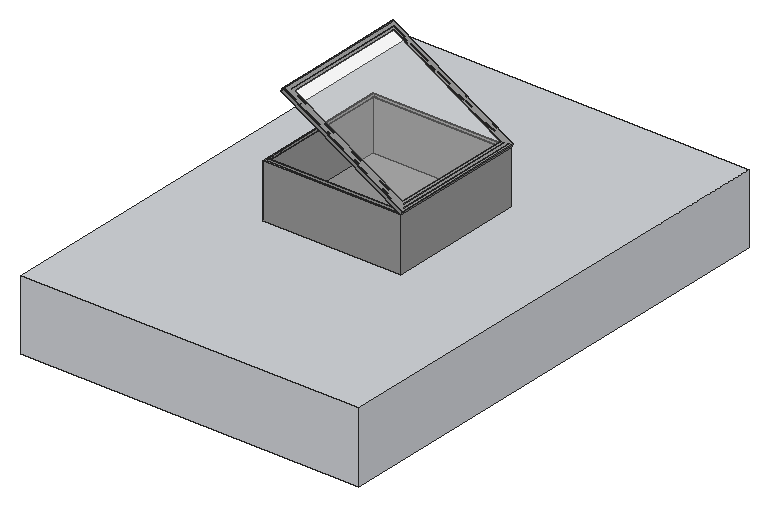
Revit family "Hager-Orion_Inox-IP66-D250-Cl.I-Inox_encl-630A-600mm-CH-fr", category Equipement électrique, Revit 2020
Family settings
  Hôte = Face
  Configuration du panneau = Deux colonnes, circuits au sein
  Cote de connecteur circulaire = Utiliser le diamètre
  Type d'élément = Tableau de raccordement
  Couper avec des vides une fois chargée = Non
  Partagée = Non
  Point de calcul de pièce = Non
Parameters (values of type "saillie IP66 L600 H600 P250  - FL029TWL")
  Width Control [instance] = if([EF000008 - largeur] > Min Width, [EF000008 - largeur], Min Width)  # 600 mm
  Commentaires du type = [HG000003 - Gamme]  # "Orion Inox"
  Thickness Door [instance] = if([EF009171 - épaisseur de matériau de la porte/du couvercle] > 3 mm, 3 mm, [EF009171 - épaisseur de matériau de la porte/du couvercle])  # 1.5 mm
  Seal Frame Offset [instance] = 17 mm  # constant formula
  Model = ""
  Min Width [instance] = 100 mm  # constant formula
  Min Height [instance] = 100 mm  # constant formula
  Min Depth [instance] = (2 * [EF009170 - épaisseur de matériau du boîtier]) + 1 mm  # 4 mm
  Internal Frame Depth [instance] = (Door System Depth * 0.5)  # 9 mm
  Height Control [instance] = if([EF000040 - hauteur] > Min Height, [EF000040 - hauteur], Min Height)  # 600 mm
  HG000027 - Hauteur du socle = 0 mm
  HG000026 - Installation au sol = no
  HG000024 - Hauteur de la section basse = 800 mm
  HG000023 - Armoire double section = no
  HG000016 - Visibilité de la porte 3D [instance] = yes
  HG000015 - Visibilité de l'emprise de la porte [instance] = no
  HG000014 - Porte à droite [instance] = yes
  HG000013 - Porte à gauche [instance] = not([HG000014 - Porte à droite])  # no
  HG000012 - Angle de pivotement de la porte [instance] = 30.00°
  HG000010 - Portes asymétriques = no
  HG000009 - Porte à double battant = no
  HG000006 - Encastré = no
  HG000004 - Référence fabricant = "FL029TWL"
  HG000003 - Gamme = "Orion Inox"
  HG000002 - avec porte = yes
  Frame Offset Bottom [instance] = 10 mm  # constant formula
  Frame Offset [instance] = 15 mm  # constant formula
  EF015940 - couvercle avec décharge de pression = no
  EF011959 - degré de protection (NEMA) = ""
  EF009554 - nombre d'ouvertures pour plaques à bride = 0
  Fabricant = "Hager"  # constant formula
  EF009212 - finition du couvercle = "EV000116 - fermé"
  EF009171 - épaisseur de matériau de la porte/du couvercle = 1.5 mm
  EF009170 - épaisseur de matériau du boîtier = 1.5 mm
  EF008873 - courant nominal (In) = 630 A
  EF007800 - adapté à un parafoudre = no
  EF006306 - avec serrure = yes
  EF006244 - couvercle/porte transparent(e) = yes
  EF005474 - indice de protection (IP) = "EV006422 - IP66"
  EF004464 - type de porte = "EV002646 - unique"
  EF004427 - nombre de modules = 0
  EF004293 - indice de protection contre les chocs (IK) = "EV006814 - IK08"
  EF003532 - convient pour utilisation à l’extérieur = yes
  EF002950 - largeur en nombre de modules = 0
  EF001613 - maintien de fonction = "EV000494 - sans"
  EF001596 - matériau du boîtier/corps = "EV000166 - acier inoxydable"
  EF001131 - profondeur intérieure = 216 mm
  EF001088 - possibilité de montage en saillie = yes
  EF000437 - nombre d'entrées de conduit = 0
  EF000339 - type de capot = "EV004216 - porte"
  EF000266 - nombre de rangées = 0
  EF000218 - profondeur d'encastrement = 0 mm
  EF000118 - avec cadre/support de montage = no
  EF000116 - numéro RAL = ""
  EF000049 - profondeur = 250 mm
  EF000040 - hauteur = 600 mm
  EF000008 - largeur = 600 mm
  EF000007 - couleur = "EV000154 - autre"
  EF000003 - mode de pose = "EV000384 - saillie"
  Door System Leaf Tolerance [instance] = 1.5 mm  # constant formula
  Door System Depth [instance] = 18 mm  # constant formula
  Depth Control [instance] = if([EF000049 - profondeur] > Min Depth, [EF000049 - profondeur], Min Depth)  # 250 mm
  Default Elevation = 0 mm
Types (4, lengths in mm): name | Width Control | HG000004 - Référence fabricant | EF009212 - finition du couvercle | EF006306 - avec serrure | EF006244 - couvercle/porte transparent(e) | EF004293 - indice de protection contre les chocs (IK) | EF001613 - maintien de fonction | EF000008 - largeur
  saillie IP66 L400 H600 P250  - FL029BW | 400 | "FL029BW" | "EV009916 - avec échancrure" | no | no | "EV008784 - IK10" | "" | 400
  saillie IP66 L600 H600 P250  - FL029BWL | 600 | "FL029BWL" | "EV009916 - avec échancrure" | no | no | "EV008784 - IK10" | "" | 600
  saillie IP66 L600 H600 P250  - FL029TW | 600 | "FL029TW" | "EV000116 - fermé" | yes | yes | "EV006814 - IK08" | "EV000494 - sans" | 600
  saillie IP66 L600 H600 P250  - FL029TWL | 600 | "FL029TWL" | "EV000116 - fermé" | yes | yes | "EV006814 - IK08" | "EV000494 - sans" | 600
Reference planes
  plane 1 "Center (Front/Back)": y = 0
  plane 2: z = 0
  plane 3 "Center (Left/Right)": x = 0
  plane 4: z = 250
  plane 5: y = 1.5
  plane 6: y = 300
  plane 7: y = 0
  plane 8: y = 600
  plane 9: z = 0
  plane 10: x = -285
  plane 11: x = 285
  plane 12: x = 283.5
  plane 13: x = -283.5
  plane 14: y = 598.5
  plane 15: x = -283
  plane 16: x = -300
  plane 17: x = 283
  plane 18: x = 300
  plane 19: x = 298.5
  plane 20: x = -298.5
  plane 21: y = 11.5
  plane 22: y = 600
  plane 23: y = 583.5
  plane 24: z = 232
  plane 25: z = 1.5
  plane 26: z = 230.5
  plane 27: z = 248.5
Forms (mm)
  Extrusion 1, solid
    sketch origin (0, 0, 0) x (1, 0, 0) y (0, 1, 0)
      loop
        line (-702.964, 1305) -> (-702.964, -811.445) -> (766.763, -811.445) -> (766.763, 1305) -> (-702.964, 1305)
    from 0 to -304.8
  Extrusion 2, solid, material "Hager_Stainless_Steel", detail levels medium+fine
    sketch origin (0, 0, 0) x (1, 0, 0) y (0, 1, 0)
      loop
        line (-300, 0) -> (300, 0) -> (300, 600) -> (-300, 600) -> (-300, 0)
    from 0 to 232
  Extrusion 3, solid, material "Hager_Steel_RAL 7035_Light_Grey", not visible, detail levels medium+fine
    sketch origin (0, 28.16, 50.802) x (0, 1, 0) y (0, 0, 1)
      loop
        line (323.34, -50.802) -> (323.34, 187.698)
        arc (323.34, 187.698) -> (320.411, 194.769) -> (313.34, 197.698) r 10
        line (313.34, 197.698) -> (283.34, 197.698) -> (283.34, -50.802) -> (323.34, -50.802)
    from -298.5 to 298.5
  Extrusion 4, void
    sketch origin (0, 0, 0) x (1, 0, 0) y (0, 1, 0)
      loop
        line (-298.5, 1.5) -> (298.5, 1.5) -> (298.5, 598.5) -> (-298.5, 598.5) -> (-298.5, 1.5)
    from 1.5 to 230.5
  Extrusion 5, void
    sketch origin (-381.607, -4572, 232) x (0, -1, 0) y (-1, 0, 0)
      loop
        line (-4583.5, -98.107) -> (-5155.5, -98.107) -> (-5155.5, -665.107) -> (-4583.5, -665.107) -> (-4583.5, -98.107)
    from 0 to 1.5 <- "EF009170 - épaisseur de matériau du boîtier"
  Extrusion 6, solid, material "Hager_Stainless_Steel", detail levels fine
    sketch origin (-381.607, -4572, 232) x (-1, 0, 0) y (0, -1, 0)
      loop
        line (-98.107, -4583.5) -> (-665.107, -4583.5) -> (-665.107, -5155.5) -> (-98.107, -5155.5) -> (-98.107, -4583.5)
      loop
        line (-97.107, -4582) -> (-666.107, -4582) -> (-666.107, -5157) -> (-97.107, -5157) -> (-97.107, -4582)
    from 0 to 9 <- "Internal Frame Depth"
  Extrusion 7, solid, material "Hager_Stainless_Steel", detail levels coarse
    sketch origin (0, 0, 0) x (1, 0, 0) y (0, 1, 0)
      loop
        line (-300, 0) -> (300, 0) -> (300, 600) -> (-300, 600) -> (-300, 0)
    from 0 to 250
Cuts and joins
  Extrusion 4, Extrusion 5 cuts Extrusion 2
Lines and regions (mm)
  Masking region 1
    outline origin (0, 0, 0) x (1, 0, 0) y (0, 0, 1)
      loop
        line (-300, 250) -> (-300, 0) -> (300, 0) -> (300, 250) -> (-300, 250)
  Masking region 2, detail levels medium+fine
    outline origin (0, 140, 0) x (0, 1, 0) y (0, 0, 1)
      loop
        line (-140, 0) -> (460, 0) -> (460, 232) -> (-140, 232) -> (-140, 0)
  Masking region 3, not visible, detail levels medium+fine
    outline origin (0, 297.922, 0) x (0, 1, 0) y (0, 0, 1)
      loop
        line (13.578, 0) -> (53.578, 0) -> (53.578, 238.5)
        arc (53.578, 238.5) -> (50.649, 245.571) -> (43.578, 248.5) r 10
        line (43.578, 248.5) -> (13.578, 248.5) -> (13.578, 0)
  Masking region 4, detail levels coarse
    outline origin (0, 0, 180) x (0, 1, 0) y (0, 0, 1)
      loop
        line (0, -180) -> (600, -180) -> (600, 70) -> (0, 70) -> (0, -180)
  Masking region 5
    outline origin (-381.607, -4572, 232) x (-1, 0, 0) y (0, -1, 0)
      loop
        line (-81.607, -5172) -> (-81.607, -4572) -> (-681.607, -4572) -> (-681.607, -5172) -> (-81.607, -5172)
Dimensions and locks
  "Depth Control": plane 4 to Extrusion 1
  "EF009170 - épaisseur de matériau du boîtier": plane 5 to plane 7
  locked: connector elem to plane 3 "Center (Left/Right)"
  equal spacing: plane 8, plane 6, plane 7
  locked: connector elem to plane 6
  "EF009170 - épaisseur de matériau du boîtier": plane 8 to plane 14
  "EF009170 - épaisseur de matériau du boîtier": plane 10 to plane 13
  "EF009170 - épaisseur de matériau du boîtier": plane 12 to plane 11
  "Frame Offset": plane 20 to plane 13
  "Frame Offset": plane 12 to plane 19
  "EF009170 - épaisseur de matériau du boîtier": plane 16 to plane 20
  "EF009170 - épaisseur de matériau du boîtier": plane 19 to plane 18
  "Seal Frame Offset": plane 16 to plane 15
  "Seal Frame Offset": plane 17 to plane 18
  "Frame Offset Bottom": plane 21 to plane 5
  "Frame Offset": plane 14 to plane 23
  equal spacing: plane 16, plane 3 "Center (Left/Right)", plane 18
  "Width Control": plane 16 to plane 18
  "EF009170 - épaisseur de matériau du boîtier": plane 4 to plane 27
  "EF009170 - épaisseur de matériau du boîtier": plane 24 to plane 26
  "EF009170 - épaisseur de matériau du boîtier": plane 25 to level
  "Door System Depth": plane 4 to plane 24
  "Height Control": plane 1 "Center (Front/Back)" to Extrusion 7 sketch curve
  "Height Control": Masking region 4 sketch curve to plane 1 "Center (Front/Back)"
  "Thickness Door": Extrusion 6 sketch curve to plane 15
  "Thickness Door": plane 21 to Extrusion 6 sketch curve
  "Thickness Door": plane 17 to Extrusion 6 sketch curve
  "Thickness Door": Extrusion 6 sketch curve to plane 23
  "Height Control": plane 1 "Center (Front/Back)" to plane 22
  radius of Masking region 3 sketch curve = 10 mm
  radius of Extrusion 3 sketch curve = 10 mm
  aligned and locked: plane 2 to Extrusion 1
  aligned and locked: level to Extrusion 1
  aligned and locked: level to Masking region 1 sketch curve
  aligned and locked: Masking region 1 sketch curve to plane 18
  aligned and locked: Masking region 1 sketch curve to plane 16
  aligned and locked: plane 7 to Masking region 2 sketch curve
  aligned and locked: level to Masking region 3 sketch curve
  aligned and locked: Masking region 3 sketch curve to plane 27
  aligned and locked: level to Masking region 2 sketch curve
  aligned and locked: Extrusion 2 sketch curve to plane 7
  aligned and locked: plane 16 to Extrusion 2 sketch curve
  aligned and locked: plane 18 to Extrusion 2 sketch curve
  aligned and locked: Extrusion 3 sketch curve to level
  aligned and locked: plane 27 to Extrusion 3 sketch curve
  aligned and locked: plane 20 to Extrusion 3
  aligned and locked: plane 19 to Extrusion 3
  aligned and locked: plane 20 to Extrusion 4 sketch curve
  aligned and locked: plane 19 to Extrusion 4 sketch curve
  aligned and locked: Extrusion 4 sketch curve to plane 5
  aligned and locked: Extrusion 4 to plane 25
  aligned and locked: plane 26 to Extrusion 4
  aligned and locked: plane 24 to Extrusion 2
  aligned and locked: Extrusion 5 sketch curve to plane 21
  aligned and locked: Extrusion 5 sketch curve to plane 13
  aligned and locked: Extrusion 5 sketch curve to plane 12
  aligned and locked: plane 18 to Extrusion 7 sketch curve
  aligned and locked: plane 1 "Center (Front/Back)" to Extrusion 7 sketch curve
  aligned and locked: plane 16 to Extrusion 7 sketch curve
  aligned and locked: plane 4 to Extrusion 7
  aligned and locked: Extrusion 7 to level
  aligned and locked: level to Masking region 4 sketch curve
  aligned and locked: Masking region 4 sketch curve to plane 1 "Center (Front/Back)"
  aligned and locked: Masking region 4 sketch curve to plane 4
  aligned and locked: nested 1 to level
  aligned and locked: nested 1 to plane 16
  aligned and locked: plane 8 to Extrusion 2 sketch curve
  aligned and locked: plane 23 to Extrusion 5 sketch curve
  aligned and locked: plane 14 to Extrusion 4 sketch curve
  aligned and locked: Extrusion 6 sketch curve to plane 21
  aligned and locked: plane 13 to Extrusion 6 sketch curve
  aligned and locked: plane 23 to Extrusion 6 sketch curve
  aligned and locked: plane 12 to Extrusion 6 sketch curve
  aligned and locked: Masking region 2 sketch curve to plane 8
  aligned and locked: Masking region 2 sketch curve to plane 24
  aligned and locked: nested 2 to plane 3 "Center (Left/Right)"
  aligned and locked: nested 2 to plane 24
  aligned and locked: Masking region 5 sketch curve to plane 1 "Center (Front/Back)"
  aligned and locked: Masking region 5 sketch curve to plane 18
  aligned and locked: Masking region 5 sketch curve to plane 22
  aligned and locked: Masking region 5 sketch curve to plane 16
  aligned and locked: plane 8 to plane 22
  aligned and locked: plane 7 to plane 1 "Center (Front/Back)"
  aligned and locked: nested 2 to plane 1 "Center (Front/Back)"
Automatic sketch dimensions
  Extrusion 1 sketch curve to Extrusion 1 sketch curve = 1469.727 mm
  Extrusion 1 sketch curve to Extrusion 1 sketch curve = 2116.445 mm
  plane 6 to Masking region 3 sketch curve = 11.5 mm
  Masking region 3 sketch curve to Masking region 3 sketch curve = 30 mm
  plane 6 to Extrusion 3 sketch curve = 11.5 mm
  Extrusion 3 sketch curve to Extrusion 3 sketch curve = 30 mm
  Masking region 1 sketch curve to plane 4 = 0 mm
Nested families
  nested 1: "Hager_Enclosure_Symbol" at (-300, 0, 0) x (1, 0, 0) z (0, -1, 0), Height <- "Depth Control", Width <- "Width Control", type "Hager_Enclosure_Symbol"
    with Width_Ctrl 600 mm, Width 600 mm, Height_Ctrl 250 mm, Height 250 mm, A_Width_Int 16.406 mm, A_Width 196.875 mm, A_Height_Ctrl 218.75 mm, A_Height 218.75 mm
  nested 2: "EC000058_OrionInox_Door" at (0, 600, 232) x (1, 0, 0) z (0, -1, 0), Leaf_Tolerance <- "Door System Leaf Tolerance", Angle <- "HG000012 - Angle de pivotement de la porte", Door_Depth <- "Door System Depth", Door_Left <- "HG000013 - Porte à gauche", Transparent <- "EF006244 - couvercle/porte transparent(e)", Assymetrical <- "HG000010 - Portes asymétriques", Width <- "Width Control", Clearance <- "HG000015 - Visibilité de l'emprise de la porte", Double <- "HG000009 - Porte à double battant", 3d_Door <- "HG000016 - Visibilité de la porte 3D", Width_Ctrl <- "Width Control", Door_Right <- "HG000014 - Porte à droite", Door <- "HG000002 - avec porte", Height <- "Height Control", Thickness <- "Thickness Door", type "EC000058_OrionInox_Door", detail levels medium+fine
    with min_wh 4 mm, Width_Ctrl 600 mm, Width 600 mm, Transparent yes, Thickness 1.5 mm, Seal_Material Hager_Rubber, Leaf_Width 600 mm, Leaf_Tolerance_External_Sides 0 mm, Leaf_Tolerance 1.5 mm, Leaf_Offset 0 mm, Leaf_Height 597 mm, Leaf_2_Width 600 mm, Leaf_2_Offset 300 mm, Leaf_1_Width 600 mm, Leaf_1_Offset 300 mm, Height_Ctrl 600 mm, Height 600 mm, Glass_Material Hager_Glass, Double_Clearance_Ctrl no, Double no, Door_Right_Ctrl yes, Door_Right yes, Door_Material Hager_Stainless_Steel, Door_Left_Ctrl no, Door_Left no, Door_Depth 18 mm, Door yes, Clearance_Material Hager_Clearance, Clearance_Depth 600 mm, Clearance_Ctrl no, Clearance no, Assymetrical no, Angle 30.00°, 3d_Door yes
Connectors
  electrical at (0, 300, 0)
    settings: on plane 9, index 1, voltage 0 V, apparent load 0 VA, apparent load phase1 0 VA, apparent load phase2 0 VA, apparent load phase3 0 VA, power factor 1, load classification "Other", number of poles 1, system type 30, power factor state 1, is connector primary yes, connector utility no, sub classification motor no, connector description ""
Definition of nested family "EC000058_OrionInox_Door"
  Parameters (values of type "EC000058_OrionInox_Door")
    min_wh [instance] = (2 * Thickness) + 1 mm  # 11 mm
    Width_Ctrl [instance] = 400 mm
    Width [instance] = 500 mm
    Transparent [instance] = yes
    Thickness [instance] = 5 mm
    Seal_Material [instance] = none
    Leaf_Width [instance] = if((Width_Ctrl - 2 * Leaf_Tolerance_External_Sides) > 0 mm, (Width_Ctrl - 2 * Leaf_Tolerance_External_Sides), min_wh)  # 400 mm
    Leaf_Tolerance_External_Sides [instance] = 0 mm  # constant formula
    Leaf_Tolerance [instance] = 1.5 mm
    Leaf_Offset [instance] = 0 mm  # constant formula
    Leaf_Height [instance] = if((Height_Ctrl - 2 * Leaf_Tolerance) > 0 mm, (Height_Ctrl - 2 * Leaf_Tolerance), min_wh)  # 497 mm
    Leaf_2_Width [instance] = if(and(and(Double, Assymetrical), Door_Left), (Leaf_Width / 3) - (Leaf_Tolerance / 2), if(and(and(Double, Assymetrical), Door_Right), (Leaf_Width / 3) * 2 - (Leaf_Tolerance / 2), if(and(Double, not(Assymetrical)), (Leaf_Width / 2) - Leaf_Tolerance, Leaf_Width)))  # 400 mm
    Leaf_2_Offset [instance] = if(and(Double, Assymetrical), Leaf_2_Width / 2, if(and(Double, not(Assymetrical)), Leaf_Width / 4, Leaf_Width / 2))  # 200 mm
    Leaf_1_Width [instance] = if(and(and(Double, Assymetrical), Door_Right), (Leaf_Width / 3) - (Leaf_Tolerance / 2), if(and(and(Double, Assymetrical), Door_Left), (Width / 3) * 2 - (Leaf_Tolerance / 2), if(and(Double, not(Assymetrical)), (Leaf_Width / 2) - Leaf_Tolerance, Leaf_Width)))  # 400 mm
    Leaf_1_Offset [instance] = if(and(Double, Assymetrical), Leaf_1_Width / 2, if(and(Double, not(Assymetrical)), Leaf_Width / 4, Leaf_Width / 2))  # 200 mm
    Height_Ctrl [instance] = if(Height > min_wh, Height, min_wh)  # 500 mm
    Height [instance] = 500 mm
    Glass_Material [instance] = none
    Double_Clearance_Ctrl [instance] = and(Double, Clearance)  # no
    Double [instance] = no
    Door_Right_Ctrl [instance] = and(or(Door_Right, Double), Door)  # yes
    Door_Right [instance] = yes
    Door_Material [instance] = none
    Door_Left_Ctrl [instance] = and(or(Door_Left, Double), Door)  # no
    Door_Left [instance] = no
    Door_Depth [instance] = 30 mm
    Door [instance] = yes
    Default Elevation = 1219.2 mm
    Clearance_Material [instance] = none
    Clearance_Depth [instance] = if(Leaf_1_Width > Leaf_2_Width, Leaf_1_Width, Leaf_2_Width)  # 400 mm
    Clearance_Ctrl [instance] = and(not(Double), Clearance)  # yes
    Clearance [instance] = yes
    Assymetrical [instance] = yes
    Angle [instance] = 30.00°
    3d_Door [instance] = yes
  Reference planes
    plane 1 "Center (Front/Back)": y = 0
    plane 2 "Bottom": z = 0
    plane 3 "Center (Left/Right)": x = 0
    plane 4: z = 500
    plane 5: x = -200
    plane 6: x = 200
    plane 7: z = 500
    plane 8: x = -200
    plane 9: z = 0
    plane 10: x = 200
    plane 11: y = 0
    plane 12: z = 1.5
    plane 13: x = -600
    plane 14: y = -400
    plane 15: x = 600
    plane 16: x = 0
    plane 17: x = 0
    plane 18: x = -200
    plane 19: x = 200
    plane 20: z = 498.5
  Forms (mm)
    Extrusion 1, solid, material <- "Clearance_Material", visible <- "Double_Clearance_Ctrl"
      sketch origin (1200, 0, 0) x (1, 0, 0) y (0, 0, -1)
        loop
          line (-1800, -498.5) -> (-600, -498.5) -> (-600, 0) -> (-1800, 0) -> (-1800, -498.5)
      from 0 to -400
  Dimensions and locks
    equal spacing: plane 5, plane 3 "Center (Left/Right)", plane 6
    "Width_Ctrl": plane 5 to plane 6
    "Leaf_Offset": plane 5 to plane 8
    "Leaf_Offset": plane 6 to plane 10
    "Leaf_Offset": plane 9 to level
    "Leaf_Offset": plane 4 to plane 7
    "Height_Ctrl": plane 4 to level
    "Leaf_Tolerance": plane 12 to plane 9
    locked: plane 11 to plane 1 "Center (Front/Back)"
    "Leaf_1_Offset": plane 18 to plane 16
    "Leaf_2_Offset": plane 17 to plane 19
    "Leaf_1_Width": plane 13 to plane 8
    "Leaf_2_Width": plane 10 to plane 15
    "Clearance_Depth": plane 14 to plane 1 "Center (Front/Back)"
    "Leaf_Tolerance_External_Sides": plane 8 to plane 18
    "Leaf_Tolerance_External_Sides": plane 19 to plane 10
    "Leaf_Tolerance": plane 7 to plane 20
    aligned and locked: level to plane 2 "Bottom"
    aligned and locked: nested 1 to plane 16
    aligned and locked: nested 2 to plane 17
    aligned and locked: Extrusion 1 to plane 13
    aligned and locked: plane 15 to Extrusion 1
    aligned and locked: Extrusion 1 to plane 14
    aligned and locked: plane 12 to nested 1
    aligned and locked: nested 2 to plane 12
    aligned and locked: Extrusion 1 to plane 11
    aligned and locked: plane 20 to Extrusion 1
    aligned and locked: nested 2 to plane 11
    aligned and locked: nested 1 to plane 11
  Automatic sketch dimensions
    Extrusion 1 sketch curve to level = 0 mm
    plane 5 to Extrusion 1 sketch curve = 400 mm
    plane 6 to Extrusion 1 sketch curve = 400 mm
    Extrusion 1 sketch curve to plane 4 = 1.5 mm
  Nested families
    nested 1: "EC000058_OrionInox_Door_Leaf" at (0, 0, 1.5), Width <- "Leaf_1_Width", visible <- "Door_Left_Ctrl", Leaf_Height <- "Leaf_Height", Angle <- "Angle", 3d_Door <- "3d_Door", Transparent <- "Transparent", Clearance Material <- "Clearance_Material", Clearance <- "Clearance_Ctrl", Door_Material <- "Door_Material", Glass_Material <- "Glass_Material", Door_Depth <- "Door_Depth", Seal_Material <- "Seal_Material", Thickness <- "Thickness", type "EC000058_OrionInox_Door_Leaf"
      with Width 400 mm, Transparent_Ctrl yes, Transparent yes, Thickness 5 mm, Standard no, Seal_Material none, Seal_D2 8 mm, Seal_D1 1 mm, Offset_Internal_Frame 10 mm, Lock_Width 28 mm, Lock_Thickness 2 mm, Lock_Radius 6 mm, Leaf_Height 497 mm, Internal_Seal_Thickness 8 mm, Internal_Seal_Depth_2 4.5 mm, Internal_Frame_Depth 25 mm, Glass_Thickness -1 mm, Glass_Offset -2 mm, Glass_Material none, Door_Material none, Door_Depth 30 mm, Clearance Material none, Clearance yes, Angle_Ctrl 30.00°, Angle 30.00°, 3d_Door yes
    nested 2: "EC000058_OrionInox_Door_Leaf" at (0, 0, 1.5) x (-1, 0, 0) z (0, 0, 1), Width <- "Leaf_2_Width", visible <- "Door_Right_Ctrl", Leaf_Height <- "Leaf_Height", Angle <- "Angle", 3d_Door <- "3d_Door", Transparent <- "Transparent", Clearance Material <- "Clearance_Material", Clearance <- "Clearance_Ctrl", Door_Material <- "Door_Material", Glass_Material <- "Glass_Material", Door_Depth <- "Door_Depth", Seal_Material <- "Seal_Material", Thickness <- "Thickness", type "EC000058_OrionInox_Door_Leaf"
      with Width 400 mm, Transparent_Ctrl yes, Transparent yes, Thickness 5 mm, Standard no, Seal_Material none, Seal_D2 8 mm, Seal_D1 1 mm, Offset_Internal_Frame 10 mm, Lock_Width 28 mm, Lock_Thickness 2 mm, Lock_Radius 6 mm, Leaf_Height 497 mm, Internal_Seal_Thickness 8 mm, Internal_Seal_Depth_2 4.5 mm, Internal_Frame_Depth 25 mm, Glass_Thickness -1 mm, Glass_Offset -2 mm, Glass_Material none, Door_Material none, Door_Depth 30 mm, Clearance Material none, Clearance yes, Angle_Ctrl 30.00°, Angle 30.00°, 3d_Door yes
  Definition of nested family "EC000058_OrionInox_Door_Leaf"
    Parameters (values of type "EC000058_OrionInox_Door_Leaf")
      Width [instance] = 450 mm
      Transparent_Ctrl [instance] = and(Transparent, [3d_Door])  # yes
      Transparent [instance] = yes
      Thickness [instance] = 5 mm
      Standard [instance] = and(not(Transparent), [3d_Door])  # no
      Seal_Material [instance] = none
      Seal_D2 [instance] = 8 mm  # constant formula
      Seal_D1 [instance] = 1 mm  # constant formula
      Offset_Internal_Frame [instance] = 10 mm  # constant formula
      Lock_Width [instance] = Door_Depth - Lock_Thickness  # 28 mm
      Lock_Thickness [instance] = 2 mm  # constant formula
      Lock_Radius [instance] = 6 mm  # constant formula
      Leaf_Height [instance] = 450 mm
      Internal_Seal_Thickness [instance] = 8 mm  # constant formula
      Internal_Seal_Depth_2 [instance] = 4.5 mm  # constant formula
      Internal_Frame_Depth [instance] = if(Door_Depth - Thickness > 5 mm, Door_Depth - Thickness, 5 mm)  # 25 mm
      Glass_Thickness [instance] = if(Thickness > 15 mm, Glass_Offset + 10 mm, -1 mm)  # -1 mm
      Glass_Offset [instance] = if(Thickness > 15 mm, -(Thickness + 10 mm) / 2, -2 mm)  # -2 mm
      Glass_Material [instance] = none
      Door_Material [instance] = none
      Door_Depth [instance] = 30 mm
      Default Elevation = 0 mm
      Clearance Material [instance] = none
      Clearance [instance] = yes
      Angle_Ctrl [instance] = if(Angle > 180.00°, 180.00°, Angle)  # 90.00°
      Angle [instance] = 90.00°
      3d_Door [instance] = yes
    Reference planes
      plane 1 "Center (Front/Back)": y = 0
      plane 2: z = 0
      plane 3 "Center (Left/Right)": x = 0
      plane 4: y = 450
      plane 5: x = -225
      plane 6: x = 225
      plane 7: x = -675
      plane 8: z = 450
      plane 9: z = 30
      plane 10: z = 420
      plane 11: x = 195
      plane 12: x = -195
      plane 13: y = -3
      plane 14: z = 107.833
      plane 15: y = -5
      plane 16: y = -223.314
      plane 17: x = -225
      plane 18: y = 30
    Forms (mm)
      Extrusion 1, solid, material <- "Clearance Material", visible <- "Clearance"
        sketch origin (0, 0, 0) x (1, 0, 0) y (0, 0, 1)
          loop
            line (-675, 450) -> (-675, 0) -> (225, 0) -> (225, 450) -> (-675, 450)
        from 0 to -450
      Extrusion 2, solid, material <- "Door_Material", visible <- "Standard", detail levels medium+fine
        sketch origin (-225, 0, 0) x (0, 1, 0) y (-1, 0, 0)
          loop
            line (0, 30) -> (0, 25) -> (450, 25) -> (450, 30) -> (0, 30)
        from 0 to 450 <- "Leaf_Height"
      Extrusion 3, solid, material <- "Door_Material", visible <- "Transparent_Ctrl", detail levels medium+fine
        sketch origin (-225, 0, 0) x (0, 1, 0) y (-1, 0, 0)
          loop
            line (0, 25) -> (450, 25) -> (450, 30) -> (0, 30) -> (0, 25)
        from 0 to 450 <- "Leaf_Height"
      Extrusion 4, void
        sketch origin (-250, 450, 0) x (0, 1, 0) y (0, 0, -1)
          loop
            line (-30, -420) -> (-30, -30) -> (-420, -30) -> (-420, -420) -> (-30, -420)
        from 0 to 5 <- "Thickness"
      Sweep 5, solid, material <- "Seal_Material", visible <- "Transparent_Ctrl", detail levels fine
        path in 3D
          loop
            line (-250, 30, 30) -> (-250, 30, 420) -> (-250, 420, 420) -> (-250, 420, 30) -> (-250, 30, 30)
        profile origin (-250, 225, 30) x (1, 0, 0) y (0, 0, 1)
          loop
            line (0, 0) -> (0, -8) -> (1, -8) -> (1, 0) -> (0, 0)
      Extrusion 6, solid, material <- "Glass_Material", visible <- "Transparent_Ctrl", detail levels medium+fine
        sketch origin (-255, 0, 0) x (0, 1, 0) y (0, 0, -1)
          loop
            line (420, -420) -> (420, -30) -> (30, -30) -> (30, -420) -> (420, -420)
        from -2 <- "Glass_Offset" to -1 <- "Glass_Thickness"
      Extrusion 7, solid, material <- "Door_Material", visible <- "3d_Door", detail levels medium+fine
        sketch origin (-250, 450, 0) x (0, -1, 0) y (0, 0, -1)
          loop
            line (0, -450) -> (450, -450) -> (450, 0) -> (0, 0) -> (0, -450)
          loop
            line (445, -5) -> (5, -5) -> (5, -445) -> (445, -445) -> (445, -5)
        from 0 to 25 <- "Internal_Frame_Depth"
      Sweep 8, solid, material <- "Seal_Material", visible <- "Transparent_Ctrl", detail levels fine
        path in 3D
          loop
            line (-250, 0, 0) -> (-250, 450, 0) -> (-250, 450, 450) -> (-250, 0, 450) -> (-250, 0, 0)
        profile origin (-250, 0, 225) x (1, 0, 0) y (0, 1, 0)
          loop
            line (0, 10) -> (2.975, 10)
            arc (2.975, 10) -> (4.053, 10.447) -> (4.5, 11.525) r 1.525
            line (4.5, 11.525) -> (4.5, 16.527)
            arc (4.5, 16.527) -> (4.069, 17.569) -> (3.027, 18) r 1.473
            line (3.027, 18) -> (0, 18) -> (0, 10)
    Cuts and joins
      Extrusion 4 cuts Extrusion 3
    Lines and regions (mm)
      Masking region 1, detail levels medium+fine
        outline origin (0, 0, 0) x (0, 1, 0) y (0, 0, 1)
          loop
            line (0, 0) -> (30, 0) -> (30, 450) -> (0, 450) -> (0, 0)
      Masking region 2, detail levels medium+fine
        outline origin (0, 0, 0) x (1, 0, 0) y (0, 0, 1)
          loop
            line (-225, 450) -> (-225, 0) -> (225, 0) -> (225, 450) -> (-225, 450)
      symbolic lines
        curve 1: line (225, 0, 0) -> (-675, 0, 0)
        curve 2: arc (225, 0, 0) -> (-225, 450, 0) -> (-675, 0, 0) r 450
        curve 4: line (-255, 0, 0) -> (-255, 450, 0)
      reference lines
        curve 3: line (-225, 0, 0) -> (-225, 450, 0)
      symbolic lines, detail levels medium+fine
        curve 5: line (-255, 450, 0) -> (-250, 450, 0)
        curve 7: line (-250, 0, 0) -> (-255, 0, 0)
        curve 8: line (-250, 0, 0) -> (-225, 0, 0)
        curve 9: line (-225, 0, 0) -> (-225, 450, 0)
        curve 10: line (-225, 450, 0) -> (-250, 450, 0)
      symbolic lines, detail levels fine
        curve 6: line (-250, 450, 0) -> (-250, 0, 0)
      sketch lines
        curve 11: line (-250, 0, 450) -> (-250, 0, 0)
        curve 12: line (-250, 450, 0) -> (-250, 0, 0)
        curve 13: line (-250, 450, 450) -> (-250, 450, 0)
        curve 14: line (-250, 0, 450) -> (-250, 450, 450)
        curve 15: line (-250, 420, 30) -> (-250, 30, 30)
        curve 16: line (-250, 30, 30) -> (-250, 30, 420)
        curve 17: line (-250, 420, 420) -> (-250, 420, 30)
        curve 18: line (-250, 30, 420) -> (-250, 420, 420)
      symbolic lines, visible <- "Transparent", detail levels medium+fine
        curve 19: line (-195, 0, 420) -> (195, 0, 420)
        curve 20: line (-195, 0, 30) -> (-195, 0, 420)
        curve 21: line (195, 0, 30) -> (-195, 0, 30)
        curve 22: line (195, 0, 420) -> (195, 0, 30)
    Dimensions and locks
      "Width": plane 1 "Center (Front/Back)" to plane 4
      equal spacing: plane 5, plane 3 "Center (Left/Right)", plane 6
      "Width": plane 5 to plane 6
      "Width": plane 7 to plane 5
      "Leaf_Height": plane 8 to level
      "Width": curve 5 to curve 3
      "Width": curve 3 to curve 3
      plane 8 to plane 10 = 30 mm
      plane 9 to level = 30 mm
      plane 12 to plane 5 = 30 mm
      plane 6 to plane 11 = 30 mm
      Extrusion 4 sketch curve to Extrusion 3 = 30 mm
      Extrusion 3 to Extrusion 4 sketch curve = 30 mm
      Extrusion 1 to Extrusion 4 sketch curve = 30 mm
      curve 3 to Extrusion 4 sketch curve = 30 mm
      Extrusion 4 sketch curve to cut or joined group of Extrusion 3, Extrusion 4 = 30 mm
      cut or joined group of Extrusion 3, Extrusion 4 to Extrusion 6 sketch curve = 30 mm
      cut or joined group of Extrusion 3, Extrusion 4 to Extrusion 4 sketch curve = 30 mm
      "Thickness": curve 6 to curve 4
      "Thickness": Extrusion 7 sketch curve to Extrusion 7 sketch curve  (x4)
      "Door_Depth": curve 4 to curve 3
      "Offset_Internal_Frame": profile plane to Sweep 8 sketch curve
      "Internal_Seal_Thickness": Sweep 8 sketch curve to Sweep 8 sketch curve
      "Internal_Seal_Depth_2": profile plane to Sweep 8 sketch curve
      "Seal_D1": profile plane to Sweep 5 sketch curve
      "Seal_D2": profile plane to Sweep 5 sketch curve
      "Thickness": Extrusion 2 sketch curve to Extrusion 2 sketch curve
      "Door_Depth": plane 18 to plane 1 "Center (Front/Back)"
      radius of Sweep 8 sketch curve = 1.525 mm
      radius of Sweep 8 sketch curve = 1.473 mm
      "Angle_Ctrl": angle plane 1 "Center (Front/Back)" to curve 3
      aligned and locked: level to plane 2
      aligned and locked: Extrusion 1 to curve 1
      aligned and locked: plane 6 to Extrusion 1
      aligned and locked: plane 1 "Center (Front/Back)" to Extrusion 1
      aligned and locked: plane 4 to Extrusion 1
      aligned and locked: plane 8 to Extrusion 1
      aligned and locked: curve 7 to Extrusion 2 sketch curve
      aligned and locked: curve 5 to Extrusion 2 sketch curve
      aligned and locked: curve 7 to Extrusion 3 sketch curve
      aligned and locked: Extrusion 3 sketch curve to curve 4
      aligned and locked: Extrusion 3 sketch curve to curve 6
      aligned and locked: Extrusion 3 sketch curve to curve 5
      aligned and locked: curve 9 to curve 3
      aligned and locked: Extrusion 7 sketch curve to cut or joined group of Extrusion 3, Extrusion 4  (x4)
      aligned and locked: plane 17 to curve 3
      aligned and locked: plane 1 "Center (Front/Back)" to curve 3
      aligned and locked: plane 17 to plane 5
      aligned and locked: Sweep 8 sketch curve to profile plane
      aligned and locked: Sweep 5 sketch curve to profile plane  (x2)
      aligned and locked: plane 1 "Center (Front/Back)" to Masking region 1 sketch curve
      aligned and locked: plane 18 to Masking region 1 sketch curve
      aligned and locked: level to Masking region 1 sketch curve
      aligned and locked: Masking region 1 sketch curve to plane 8
      aligned and locked: plane 17 to Masking region 2 sketch curve
      aligned and locked: level to Masking region 2 sketch curve
      aligned and locked: Masking region 2 sketch curve to plane 8
      aligned and locked: plane 12 to curve 20
      aligned and locked: plane 10 to curve 19
      aligned and locked: plane 11 to curve 22
      aligned and locked: plane 9 to curve 21
      aligned and locked: Extrusion 2 sketch curve to cut or joined group of Extrusion 3, Extrusion 4
    Automatic sketch dimensions
      plane 1 "Center (Front/Back)" to curve 2 = 0 mm
      curve 2 to plane 5 = 0 mm
      Extrusion 1 sketch curve to level = 0 mm
      Extrusion 1 sketch curve to plane 7 = 0 mm
      Extrusion 1 sketch curve to plane 6 = 0 mm
      Extrusion 1 sketch curve to plane 8 = 0 mm
      Extrusion 3 to Extrusion 6 sketch curve = 30 mm  (x4)
      Masking region 2 sketch curve to plane 6 = 0 mm
      curve 4 to curve 3 = 0 mm
Definition of nested family "Hager_Enclosure_Symbol"
  Parameters (values of type "Hager_Enclosure_Symbol")
    Width_Ctrl [instance] = if(Width > 1 mm, Width, 1 mm)  # 102.27 mm
    Width [instance] = 102.27 mm
    Height_Ctrl [instance] = if(Height > 1 mm, Height, 1 mm)  # 66.5 mm
    A_Width_Int [instance] = if(A_Width / 12 > 2 mm, A_Width / 12, 2 mm)  # 4.364 mm
    A_Width [instance] = if(A_Height_Ctrl * 0.9 > 2 mm, A_Height_Ctrl * 0.9, 2 mm)  # 52.369 mm
    A_Height_Ctrl [instance] = if(A_Height > 2 mm, A_Height, 2 mm)  # 58.188 mm
    Height [instance] = 66.5 mm
    A_Height [instance] = Height - (Height / 8)  # 58.188 mm
  Reference planes
    plane 1 "Centre (avant/arrière)": y = 0
    plane 2: z = 0
    plane 3 "Centre (gauche/droite)": x = 0
    plane 4: x = 52.369
    plane 5: y = 33.042
    plane 6: y = 41.77
    plane 7: y = 66.5
    plane 8: x = 26.184
    plane 9: y = 37.406
    plane 10: x = 102.27
    plane 11: y = 66.5
    plane 12: y = 8.313
  Lines and regions (mm)
    Filled region 1, type "Solid_Black", in view "Niveau de réf."
      outline origin (0, 0, 0) x (1, 0, 0) y (0, 1, 0)
        loop
          line (52.369, 66.5) -> (33.188, 54.536) -> (45.365, 45.006) -> (52.369, 66.5)
    Filled region 2, type "Solid_Black", in view "Niveau de réf."
      outline origin (0, 0, 0) x (1, 0, 0) y (0, 1, 0)
        loop
          line (0, 0) -> (102.27, 0) -> (102.27, 66.5) -> (0, 0)
    detail lines, in view "Niveau de réf."
      curve 1: line (0, 8.313, 0) -> (26.184, 41.77, 0)
      curve 2: line (26.184, 41.77, 0) -> (26.184, 33.042, 0)
      curve 3: line (26.184, 33.042, 0) -> (52.369, 66.5, 0)
  Dimensions and locks
    "A_Width": plane 3 "Centre (gauche/droite)" to plane 4
    equal spacing: plane 3 "Centre (gauche/droite)", plane 8, plane 4
    equal spacing: plane 6, plane 9, plane 5
    equal spacing: curve 3, Filled region 1 sketch curve, Filled region 1 sketch curve
    "Height_Ctrl": plane 1 "Centre (avant/arrière)" to plane 11
    "A_Height_Ctrl": plane 11 to plane 12
    equal spacing: plane 11, plane 9, plane 12
    "A_Width_Int": plane 6 to plane 9
    "Width_Ctrl": plane 3 "Centre (gauche/droite)" to plane 10
    angle Filled region 1 sketch curve to curve 3 = 20.00°
    angle curve 3 to Filled region 1 sketch curve = 20.00°
    locked: curve 3 to Filled region 1 sketch curve (angle 90.00°)
    aligned and locked: plane 10 to Filled region 2
    aligned and locked: plane 11 to Filled region 2 sketch curve
    aligned and locked: plane 10 to Filled region 2 sketch curve
    aligned and locked: plane 3 "Centre (gauche/droite)" to curve 1
    aligned and locked: plane 12 to curve 1
    aligned and locked: plane 7 to plane 11
  Automatic sketch dimensions
    Filled region 1 sketch curve to plane 4 = 0 mm
    Filled region 1 sketch curve to plane 7 = 0 mm
    plane 1 "Centre (avant/arrière)" to Filled region 2 sketch curve = 0 mm
    Filled region 2 sketch curve to plane 3 "Centre (gauche/droite)" = 0 mm
    curve 2 to plane 6 = 0 mm
    curve 2 to plane 8 = 0 mm
    curve 3 to plane 4 = 0 mm
    curve 2 to plane 5 = 0 mm
    curve 3 to plane 7 = 0 mm
